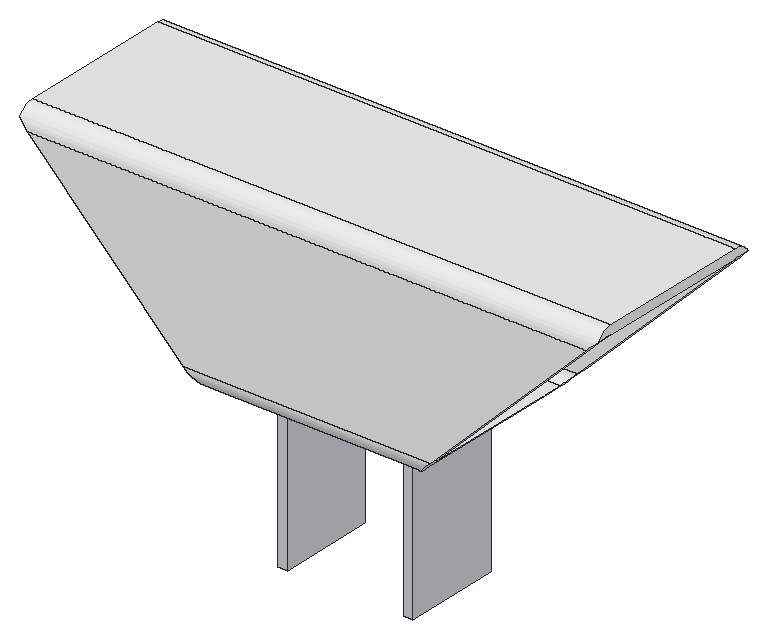
Revit family "Mount_RigidRail_Kattsafe_ConcreteCeiling", category Specialty Equipment, Revit 2025
Family settings
  Round Connector Dimension = Use Diameter
  Part Type = Normal
  OmniClass Number = 23.27.71.21
  Work Plane-Based = No
  Enable Cutting in Views = No
  Always vertical = Yes
  Cut with Voids When Loaded = No
  Maintain Annotation Orientation = No
  Shared = No
  Room Calculation Point = No
Parameters (values of type "Type 1")
  Uniclass2015Version = "Products v1.23"
  Uniclass2015Title = "Brackets"
  Uniclass2015Code = "Pr_20_85_09"
  URL = "https://kattsafe.com.au/"
  UBracketAngle [instance] = 0.00°
  Type IFC Predefined Type = "USERDEFINED"
  Type Comments = "Concrete Mount Fixing Bracket"
  SafetyDisclaimer [instance] = "WARNING! The correct placement of access, fall protection and facade maintenance systems is critical to ensure it is fit-for-purpose and safe for the operator to use. Did you know Kattsafe® have a dedicated team of Height Safety System Design Specialists? Kattsafe® provide one-on-one consultation and system design assistance to ensure you are meeting the stringent requirements of height safety and to give you PEACE OF MIND with your project."  # constant formula
  ModifiedIssue = 20240430
  Model = "OH274"
  ManufacturerURLProductSpecific = "https://kattsafe.com.au/products/rigid-rails"
  ManufacturerSpecCode = Model  # "OH274"
  ManufacturerOverallWidth = 300 mm  # constant formula
  ManufacturerOverallHeight = 184 mm  # constant formula
  ManufacturerOverallDepth = 100 mm  # constant formula
  ManufacturerHeightFromFFL [instance] = 139 mm
  Manufacturer = "Kattsafe®"  # constant formula
  IfcExportType = "USERDEFINED"
  IfcExportAs = "IfcBuildingElementProxy"
  Export Type to IFC As = "IfcBuildingElementProxy"
  Description = "Rigid rails provide significant spanning capabilities, making them very versatile where there are limited support structures. The high strength aluminium construction, along with the unique t-bolt assembly makes it a very simple and easily adaptable system to install."  # constant formula
  Default Elevation = 0 mm
  CreatedByURL = "https://igsgroup.com.au"
  CreatedBy = "IGS BIM Solutions"  # constant formula
  Assembly Code = "E1090100"
Reference planes
  plane 1 "Center (Front/Back)": y = 247.5
  plane 2 "Ref. Level": z = 0
  plane 3 "Centre (Left/Right)": x = 0
  plane 4 "Back": y = 297.5
  plane 5 "Front": y = 197.5
  plane 6 "Right": x = 150
  plane 7 "Left": x = -150
  plane 8 "Bottom": z = -45
  plane 9 "Top": z = 139
  plane 10 "ConcreteBracketBottom": z = 39
Forms (mm)
  Extrusion 1, solid, material "Aluminum_Kattsafe_Satin"
    sketch origin (0, 0, 0) x (0, 1, 0) y (0, 0, 1)
      loop
        line (288, 139) -> (207, 139)
        arc (207, 139) -> (200.282, 136.218) -> (197.5, 129.5) r 9.5
        line (197.5, 129.5) -> (197.5, 48.5)
        arc (197.5, 48.5) -> (200.282, 41.782) -> (207, 39) r 9.5
        line (207, 39) -> (288, 39)
        arc (288, 39) -> (294.718, 41.782) -> (297.5, 48.5) r 9.5
        line (297.5, 48.5) -> (297.5, 129.5)
        arc (297.5, 129.5) -> (294.718, 136.218) -> (288, 139) r 9.5
      loop
        line (288, 134.5) -> (207, 134.5)
        arc (207, 134.5) -> (203.464, 133.036) -> (202, 129.5) r 5
        line (202, 129.5) -> (202, 48.5)
        arc (202, 48.5) -> (203.464, 44.964) -> (207, 43.5) r 5
        line (207, 43.5) -> (288, 43.5)
        arc (288, 43.5) -> (291.536, 44.964) -> (293, 48.5) r 5
        line (293, 48.5) -> (293, 129.5)
        arc (293, 129.5) -> (291.536, 133.036) -> (288, 134.5) r 5
    from -150 to 150
  Extrusion 2, void
    sketch origin (0, 247.5, 0) x (1, 0, 0) y (0, 0, 1)
      loop
        line (-54.5, 39) -> (-150, 134.5) -> (-150, 39) -> (-54.5, 39)
      loop
        line (54.5, 39) -> (150, 39) -> (150, 134.5) -> (54.5, 39)
    from -50 to 50
Cuts and joins
  Extrusion 2 cuts Extrusion 1
Lines and regions (mm)
  Masking region 1
    outline origin (0, 0, -45) x (0, -1, 0) y (1, 0, 0)
      loop
        line (-297.5, -150) -> (-197.5, -150) -> (-197.5, 150) -> (-297.5, 150) -> (-297.5, -150)
  reference lines
    curve 1: line (0, 247.5, 0) -> (-15, 247.5, 0)
    curve 2: line (0, 247.5, 0) -> (0, 277.5, 0)
Text (mm)
  text "Disclaimer:\nDue to ongoing product development and manufacturing \nevolution, product details are subject to change without \nnotice. Please refer to product technical data sheets on \nthe manufacturers website for the most current product \ninformation. Please allow a +/- 5mm manufacturing \ntolerance for dimensions and set-outs shown in product \nliterature." at (790.104, 280.885, 0), in view "Ref. Level"
Dimensions and locks
  equal spacing: plane 7 "Left", plane 3 "Centre (Left/Right)", plane 6 "Right"
  "ManufacturerOverallWidth": plane 7 "Left" to plane 6 "Right"
  equal spacing: plane 5 "Front", plane 1 "Center (Front/Back)", plane 4 "Back"
  "ManufacturerOverallDepth": plane 5 "Front" to plane 4 "Back"
  "ManufacturerOverallHeight": plane 9 "Top" to plane 8 "Bottom"
  "ManufacturerHeightFromFFL": plane 9 "Top" to plane 2 "Ref. Level"
  locked: plane 9 "Top" to plane 10 "ConcreteBracketBottom" at 100
  locked: plane 4 "Back" to Extrusion 1 sketch curve at 4.5
  locked: Extrusion 1 sketch curve to plane 5 "Front" at 4.5
  locked: Extrusion 1 sketch curve to plane 9 "Top" at 4.5
  locked: plane 10 "ConcreteBracketBottom" to Extrusion 1 sketch curve at 4.5
  locked: curve 1 to curve 1 at 15
  locked: curve 2 to curve 2 at 30
  radius of Extrusion 1 sketch curve = 9.5 mm  (x4)
  radius of Extrusion 1 sketch curve = 5 mm  (x4)
  locked: Extrusion 2 sketch curve to plane 10 "ConcreteBracketBottom" (angle 45.00°)
  locked: plane 10 "ConcreteBracketBottom" to Extrusion 2 sketch curve (angle 45.00°)
  "UBracketAngle": angle nested 1 to plane 3 "Centre (Left/Right)"
  locked: curve 2 to curve 1 (angle 90.00°)
  "UBracketAngle": angle curve 2 to plane 3 "Centre (Left/Right)"
  aligned and locked: level to plane 2 "Ref. Level"
  aligned and locked: Extrusion 1 sketch curve to plane 5 "Front"
  aligned and locked: Extrusion 1 sketch curve to plane 10 "ConcreteBracketBottom"
  aligned and locked: plane 4 "Back" to Extrusion 1 sketch curve
  aligned and locked: plane 9 "Top" to Extrusion 1 sketch curve
  aligned and locked: Extrusion 1 to plane 7 "Left"
  aligned and locked: plane 6 "Right" to Extrusion 1
  aligned and locked: Extrusion 2 sketch curve to plane 10 "ConcreteBracketBottom"
  aligned and locked: plane 10 "ConcreteBracketBottom" to Extrusion 2 sketch curve
  aligned and locked: Extrusion 2 sketch curve to plane 7 "Left"
  aligned and locked: Extrusion 2 sketch curve to plane 6 "Right"
  aligned and locked: Extrusion 2 to plane 4 "Back"
  aligned and locked: plane 5 "Front" to Extrusion 2
  aligned and locked: plane 4 "Back" to Masking region 1 sketch curve
  aligned and locked: Masking region 1 sketch curve to plane 5 "Front"
  aligned and locked: Masking region 1 sketch curve to plane 6 "Right"
  aligned and locked: plane 7 "Left" to Masking region 1 sketch curve
  aligned and locked: plane 1 "Center (Front/Back)" to curve 1
  aligned and locked: plane 3 "Centre (Left/Right)" to curve 1
  aligned and locked: nested 1 to curve 1
  aligned and locked: nested 1 to plane 10 "ConcreteBracketBottom"
Automatic sketch dimensions
  plane 9 "Top" to Extrusion 2 sketch curve = 4.5 mm  (x2)
Nested families
  nested 1: "z_Kattsafe_UBracket_Adjustable" at (0, 247.5, 39), type "Type 1"
Definition of nested family "z_Kattsafe_UBracket_Adjustable"
  Parameters (values of type "Type 1")
    URL = "https://kattsafe.com.au/"
    Material = none
    Manufacturer = "Kattsafe®"
    Default Elevation = 0 mm
  Reference planes
    plane 1 "Center (Front/Back)": y = 0
    plane 2: z = 0
    plane 3 "Center (Left/Right)": x = 0
  Forms (mm)
    Extrusion 1, solid, material <- "Material"
      sketch origin (0, 0, -39) x (1, 0, 0) y (0, 0, 1)
        loop
          line (-35, -45) -> (-30, -45) -> (-30, 29)
          arc (-30, 29) -> (-28.536, 32.536) -> (-25, 34) r 5
          line (-25, 34) -> (25, 34)
          arc (25, 34) -> (28.536, 32.536) -> (30, 29) r 5
          line (30, 29) -> (30, -45) -> (35, -45) -> (35, 29)
          arc (35, 29) -> (32.071, 36.071) -> (25, 39) r 10
          line (25, 39) -> (-25, 39)
          arc (-25, 39) -> (-32.071, 36.071) -> (-35, 29) r 10
          line (-35, 29) -> (-35, -45)
      from 25 to -25
  Dimensions and locks
    Extrusion 1 sketch curve to Extrusion 1 sketch curve = 70 mm
    locked: Extrusion 1 sketch curve to Extrusion 1 sketch curve at 5  (x2)
    radius of Extrusion 1 sketch curve = 10 mm  (x2)
    radius of Extrusion 1 sketch curve = 5 mm  (x2)
    aligned and locked: level to plane 2
